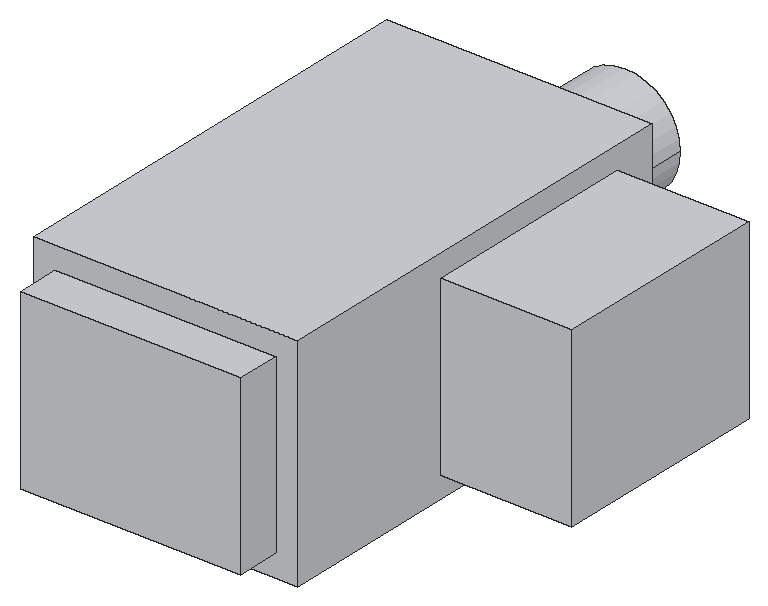
Revit family "3a5ef92505994da6814f6c675e78295e", category Mechanical Equipment, Revit 2021
Family settings
  Round Connector Dimension = Use Radius
  Part Type = Normal
  OmniClass Number = 23.75.70.21.24.14
  OmniClass Title = Variable Volume Air Terminal Units
  Seek Item ID = VAV Unit - Bypass-0000-USA-ENU
  Work Plane-Based = No
  Always vertical = Yes
  Cut with Voids When Loaded = No
  Shared = No
  Room Calculation Point = No
Parameters (values of type "5 Inch")
  UnitWidth = 1' - 0"
  UnitLength = 1' - 8 1/16"
  UnitHeight = 0' - 10"
  SupplyWidth = UnitWidth - 0' 2"  # 0' - 10"
  SupplyHeight = UnitHeight - 0' 2"  # 0' - 8"
  PrimaryRadius = 0' - 2 1/2"
  PrimaryLength = (UnitLength / 2) + 0' 6"  # 1' - 4 1/32"
  OuterControlWidth = (UnitWidth / 2) + 0' 6"  # 1' - 0"
  HalfUnitHeight = UnitHeight / 2  # 0' - 5"
  HalfSupplyHeight = SupplyHeight / 2  # 0' - 4"
  Default Elevation = 0' - 0"
  Assembly Code = ""
  Air Flow [instance] = 350 CFM
  Air Pressure [instance] = 0.8037 in-wg
Types (7): name | UnitWidth | UnitLength | UnitHeight | SupplyWidth | SupplyHeight | PrimaryRadius | PrimaryLength | OuterControlWidth | HalfUnitHeight | HalfSupplyHeight | Air Flow
  5 Inch | 1' - 0" | 1' - 8 1/16" | 0' - 10" | 0' - 10" | 0' - 8" | 0' - 2 1/2" | 1' - 4 1/32" | 1' - 0" | 0' - 5" | 0' - 4" | 350 CFM
  6 Inch | 1' - 0" | 1' - 8 1/16" | 0' - 10" | 0' - 10" | 0' - 8" | 0' - 3" | 1' - 4 1/32" | 1' - 0" | 0' - 5" | 0' - 4" | 500 CFM
  8 Inch | 1' - 3" | 1' - 8" | 1' - 0" | 1' - 1" | 0' - 10" | 0' - 4" | 1' - 4" | 1' - 1 1/2" | 0' - 6" | 0' - 5" | 900 CFM
  10 Inch | 1' - 10" | 1' - 10" | 1' - 6" | 1' - 8" | 1' - 4" | 0' - 5" | 1' - 5" | 1' - 5" | 0' - 9" | 0' - 8" | 1400 CFM
  12 Inch | 2' - 4" | 2' - 6" | 1' - 6" | 2' - 2" | 1' - 4" | 0' - 6" | 1' - 9" | 1' - 8" | 0' - 9" | 0' - 8" | 2000 CFM
  14 Inch | 3' - 0" | 2' - 6" | 1' - 6" | 2' - 10" | 1' - 4" | 0' - 7" | 1' - 9" | 2' - 0" | 0' - 9" | 0' - 8" | 3000 CFM
  16 Inch | 3' - 0" | 2' - 6" | 1' - 10" | 2' - 10" | 1' - 8" | 0' - 8" | 1' - 9" | 2' - 0" | 0' - 11" | 0' - 10" | 4000 CFM
Reference planes (in)
  plane 1 "Center (Front/Back)": y = 0
  plane 2: z = 0
  plane 3 "Center (Left/Right)": x = 0
  plane 4: y = 10.03125
  plane 5: y = -10.03125
  plane 6: x = -6
  plane 7: x = 6
  plane 8: z = 5
  plane 9: z = -5
  plane 10: x = -5
  plane 11: x = 5
  plane 12: z = 4
  plane 13: z = -4
  plane 14: y = -12.03125
  plane 15: y = 16.03125
  plane 16: y = 8.03125
  plane 17: y = -1.96875
  plane 18: x = 12
Forms (in)
  Extrusion 1, solid
    sketch origin (0, 0, 0) x (1, 0, 0) y (0, 1, 0)
      loop
        line (-6, -10.03125) -> (6, -10.03125) -> (6, 10.03125) -> (-6, 10.03125) -> (-6, -10.03125)
    from -5 to 5
  Extrusion 2, solid
    sketch origin (0, 0, 0) x (1, 0, 0) y (0, 0, 1)
      loop
        line (-5, 4) -> (-5, -4) -> (5, -4) -> (5, 4) -> (-5, 4)
    from 10.03125 to 12.03125
  Extrusion 3, solid
    sketch origin (0, 0, 0) x (1, 0, 0) y (0, 0, 1)
      loop
        circle (0, 0) r 2.5
    from -16.03125 to -10.03125
  Extrusion 4, solid
    sketch origin (0, 0, 0) x (0, 1, 0) y (0, 0, 1)
      loop
        line (8.03125, 4) -> (-1.96875, 4) -> (-1.96875, -4) -> (8.03125, -4) -> (8.03125, 4)
    from 6 to 12
Dimensions and locks (in)
  equal spacing: plane 5, plane 1 "Center (Front/Back)", plane 4
  "UnitLength": plane 5 to plane 4
  equal spacing: plane 6, plane 3 "Center (Left/Right)", plane 7
  "UnitWidth": plane 6 to plane 7
  "UnitHeight": plane 8 to plane 9
  equal spacing: plane 10, plane 3 "Center (Left/Right)", plane 11
  "SupplyWidth": plane 10 to plane 11
  "SupplyHeight": plane 12 to plane 13
  locked: plane 14 to plane 5 at 2
  "PrimaryLength": plane 1 "Center (Front/Back)" to plane 15
  "HalfUnitHeight": plane 2 to plane 8
  "HalfSupplyHeight": plane 2 to plane 12
  locked: plane 4 to plane 16 at 2
  locked: plane 16 to plane 17 at 10
  "OuterControlWidth": plane 3 "Center (Left/Right)" to plane 18
  "PrimaryRadius": radius of Extrusion 3 sketch curve
  aligned and locked: plane 6 to Extrusion 1 sketch curve
  aligned and locked: plane 5 to Extrusion 1 sketch curve
  aligned and locked: plane 4 to Extrusion 1 sketch curve
  aligned and locked: Extrusion 1 sketch curve to plane 7
  aligned and locked: plane 9 to Extrusion 1
  aligned and locked: Extrusion 1 to plane 8
  aligned and locked: plane 10 to Extrusion 2 sketch curve
  aligned and locked: plane 12 to Extrusion 2 sketch curve
  aligned and locked: plane 13 to Extrusion 2 sketch curve
  aligned and locked: plane 11 to Extrusion 2 sketch curve
  aligned and locked: plane 14 to Extrusion 2
  aligned and locked: Extrusion 2 to plane 5
  aligned and locked: plane 4 to Extrusion 3
  aligned and locked: Extrusion 3 to plane 15
  aligned and locked: plane 16 to Extrusion 4 sketch curve
  aligned and locked: Extrusion 4 sketch curve to plane 12
  aligned and locked: plane 13 to Extrusion 4 sketch curve
  aligned and locked: Extrusion 4 sketch curve to plane 17
  aligned and locked: plane 7 to Extrusion 4
  aligned and locked: Extrusion 4 to plane 18
Automatic sketch dimensions
  Extrusion 3 sketch curve to level = 0' - 0"
  Extrusion 3 sketch curve to plane 3 "Center (Left/Right)" = 0' - 0"
Connectors (in)
  hvac at (0, 16.03125, 0), driven by "PrimaryRadius", driven by "Air Flow"
    settings: on Extrusion 3, index 0, duct flow 350 CFM, flow factor 0, pres drop 0.00 in-wg, loss coef 0, conn angle 0.00°, conn width 12", conn height 12", conn diameter 5", duct sys type 1, conn prof type 0, flow config 0, flow direction 1, loss method 4, conn ref index -1, conn util no, is conn primary yes, conn desc ""
  hvac at (0, -12.03125, 0), driven by "SupplyHeight", driven by "SupplyWidth", driven by "Air Flow", driven by "Air Pressure"
    settings: on Extrusion 2, index 1, duct flow 350 CFM, flow factor 0, pres drop 0.8037 in-wg, loss coef 0, conn angle 0.00°, conn width 10", conn height 8", conn diameter 24", duct sys type 1, conn prof type 1, flow config 0, flow direction 2, loss method 4, conn ref index -1, conn util no, is conn primary no, conn desc ""
